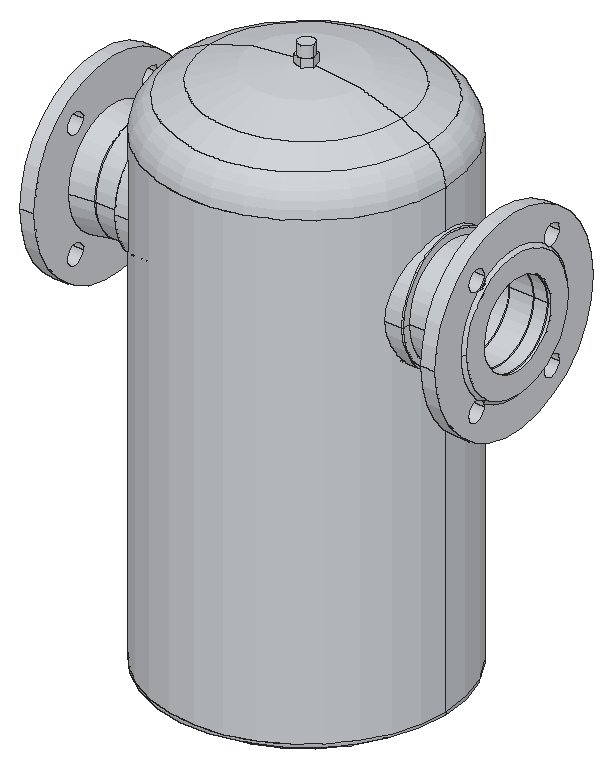
Revit family "Magnetic Dirt-Separator - R146MY115", category Plumbing Fixtures, Revit 2015
Reference planes
  plane 1 "Center (Front/Back)": y = 0
  plane 2: z = 0
  plane 3 "Center (Left/Right)": x = 0
  plane 4: y = 27.082
  plane 5: y = -27.082
  plane 6: y = 27.082
  plane 7: y = -27.082
  plane 8: y = 27.082
  plane 9: y = -27.082
  plane 10: y = 40
  plane 11: x = -198.5
  plane 12: x = 198.5
  plane 13: z = 877
  plane 14: z = 622
  plane 15: x = 300
  plane 16: x = -300
Forms (mm)
  Revolve 1, solid
    sketch origin (0, 0, 3) x (1, 0, 0) y (0, 0, 1)
      loop
        line (-198.5, 757.502) -> (-198.5, 90.761)
        arc (-198.5, 90.761) -> (-198.276, 88.33) -> (-197.611, 85.981) r 13.306
        arc (-197.611, 85.981) -> (-160.212, 66.054) -> (-118.513, 58.503) r 137.074
        line (-118.513, 58.503) -> (0, 58.503) -> (0, 847.774) -> (-13.523, 847.774)
        arc (-13.523, 847.774) -> (-75.904, 841.495) -> (-135.783, 822.912) r 313.035
        line (-135.783, 822.912) -> (-172.325, 804.142)
        arc (-172.325, 804.142) -> (-191.509, 784.244) -> (-198.5, 757.502) r 54.64
      axis (0, 847.774) -> (0, 58.503)
    angle from 0 to 360
  Extrusion 2, solid
    sketch origin (0, 0, 848.912) x (1, 0, 0) y (0, 1, 0)
      loop
        line (9.899, 9.899) -> (-3.623, 13.523) -> (-13.523, 3.623) -> (-9.899, -9.899) -> (3.623, -13.523) -> (13.523, -3.623) -> (9.899, 9.899)
    from -0.912 to 13.088
  Extrusion 3, solid
    sketch origin (0, 0, 862) x (1, 0, 0) y (0, 1, 0)
      loop
        circle (0, 0) r 11
    from 0 to 15
  Extrusion 4, solid
    sketch origin (-37.5, 0, 183.737) x (0, 1, 0) y (0, 0, -1)
      loop
        circle (0, -438.263) r 75
    from -277.5 to 202.5
  Extrusion 5, solid
    sketch origin (0, 0, 37.792) x (0, -1, 0) y (1, 0, 0)
      loop
        line (-9.899, 9.899) -> (-13.523, -3.623) -> (-3.623, -13.523) -> (9.899, -9.899) -> (13.523, 3.623) -> (3.623, 13.523) -> (-9.899, 9.899)
    from 7.343 to 14.343
  Extrusion 6, solid
    sketch origin (0, 0, 53.87) x (0, -1, 0) y (1, 0, 0)
      loop
        circle (0, 0) r 12
    from -1.736 to 1.264
  Extrusion 7, solid
    sketch origin (0, 0, 49.331) x (0, -1, 0) y (1, 0, 0)
      loop
        circle (0, 0) r 13
    from 5.803 to 12.803
  Revolve 8, solid
    sketch origin (16.384, 0, 28.102) x (1, 0, 0) y (0, 1, 0)
      loop
        line (0.632, -8.291) -> (12.097, -8.291) -> (12.563, -7.291) -> (6.89, -7.291) -> (6.89, -2.2) -> (10.212, -2.2) -> (10.212, 0) -> (-27.115, 0) -> (-27.115, -7) -> (0.632, -7) -> (0.632, -8.291)
      axis (-27.115, 0) -> (12.563, 0)
    angle from 0 to 360
  Extrusion 9, solid
    sketch origin (0, -1, -5.625) x (-1, 0, 0) y (0, 0, 1)
      loop
        line (-17.015, 41.903) -> (-17.015, 47.933) -> (-19.099, 58.652) -> (-28.947, 58.652) -> (-28.947, 42.73) -> (-28.47, 41.903) -> (-17.015, 41.903)
      loop
        line (-19.099, 8.802) -> (-17.015, 19.522) -> (-17.015, 25.572) -> (-28.458, 25.572) -> (-28.947, 24.724) -> (-28.947, 8.802) -> (-19.099, 8.802)
    from 0 to 2
  Extrusion 10, solid
    sketch origin (-197.5, 0, 183.737) x (0, 1, 0) y (0, 0, 1)
      loop
        circle (0, 438.263) r 140
      loop
        circle (66.768, 521.668) r 14.737
      loop
        circle (-66.768, 521.668) r 14.737
      loop
        circle (66.768, 354.858) r 14.737
      loop
        circle (-66.768, 354.858) r 14.737
    from -97.5 to -77.5
  SweptBlend 11, solid
    path origin (-89.99, 0, 160) x (-1, 0, 0) y (0, 0, -1)
      loop
        line (185.01, -462) -> (150.01, -462)
    profile origin (-275, 0, 622) x (0, 0, 1) y (0, -1, 0)
      loop
        circle (0, 0) r 80
    end profile origin (-240, 0, 622) x (0, 0, 1) y (0, -1, 0)
      loop
        circle (0, 0) r 75
  SweptBlend 12, solid
    path origin (-492.49, 0, 160) x (1, 0, 0) y (0, 0, 1)
      loop
        line (197.49, 462) -> (192.49, 462)
    profile origin (-295, 0, 622) x (0, 0, -1) y (0, -1, 0)
      loop
        circle (0, 0) r 95
    end profile origin (-300, 0, 622) x (0, 0, -1) y (0, -1, 0)
      loop
        circle (0, 0) r 90
  Extrusion 13, solid
    sketch origin (0, 0, -7.343) x (0, -1, 0) y (1, 0, 0)
      loop
        line (-9.899, 9.899) -> (-13.523, -3.623) -> (-3.623, -13.523) -> (9.899, -9.899) -> (13.523, 3.623) -> (3.623, 13.523) -> (-9.899, 9.899)
    from 7.343 to 17.343
  Extrusion 14, solid
    sketch origin (0, 0, 36.27) x (0, -1, 0) y (1, 0, 0)
      loop
        circle (0, 0) r 13
    from -26.27 to 8.865
  Extrusion 15, solid
    sketch origin (197.5, 0, 183.737) x (0, 1, 0) y (0, 0, -1)
      loop
        circle (0, -438.263) r 140
    from -97.5 to -77.5
  SweptBlend 16, solid
    path origin (492.49, 0, 160) x (-1, 0, 0) y (0, 0, -1)
      loop
        line (197.49, -462) -> (192.49, -462)
    profile origin (295, 0, 622) x (0, 0, 1) y (0, -1, 0)
      loop
        circle (0, 0) r 95
    end profile origin (300, 0, 622) x (0, 0, 1) y (0, -1, 0)
      loop
        circle (0, 0) r 90
  Extrusion 17, void
    sketch origin (135, -21.224, 186.809) x (0, 1, 0) y (0, 0, 1)
      loop
        circle (-45.307, 518.596) r 14.5
      loop
        circle (88.229, 518.596) r 14.5
      loop
        circle (88.229, 351.786) r 14.5
      loop
        circle (-45.307, 351.786) r 14.5
    from 134.322 to 170
  Extrusion 18, void
    sketch origin (-435, -21.698, 186.809) x (0, 1, 0) y (0, 0, 1)
      loop
        circle (-45.307, 518.596) r 14.5
      loop
        circle (88.703, 518.596) r 14.5
      loop
        circle (88.703, 351.786) r 14.5
      loop
        circle (-44.833, 351.786) r 14.5
    from 129.816 to 170
  Revolve 19, solid
    sketch origin (-7.5, 0, 622) x (1, 0, 0) y (0, 1, 0)
      loop
        line (-197.545, 75.388) -> (213.453, 75.388) -> (213.453, 83.739)
        arc (213.453, 83.739) -> (213.016, 84.794) -> (211.961, 85.231) r 1.492
        line (211.961, 85.231) -> (-196.053, 85.231)
        arc (-196.053, 85.231) -> (-197.108, 84.794) -> (-197.545, 83.739) r 1.492
        line (-197.545, 83.739) -> (-197.545, 75.388)
      axis (213.453, 0) -> (-197.545, 0)
    angle from 0 to 360
  SweptBlend 20, solid
    path origin (114.99, 0, 160) x (1, 0, 0) y (0, 0, 1)
      loop
        line (160.01, 462) -> (125.01, 462)
    profile origin (275, 0, 622) x (0, 0, -1) y (0, -1, 0)
      loop
        circle (0, 0) r 80
    end profile origin (240, 0, 622) x (0, 0, -1) y (0, -1, 0)
      loop
        circle (0, 0) r 75
  Sweep 21, void
    path origin (-25, 0, 45) x (1, 0, 0) y (0, 1, 0)
      loop
        line (-415, 0) -> (410, 0)
    profile origin (-27.5, 0, 45) x (0, 1, 0) y (0, 0, 1)
      loop
        circle (0, 577) r 60
Cuts and joins
  Extrusion 17, Sweep 21 cuts Revolve 1
  Extrusion 17, Sweep 21 cuts Extrusion 15
  Extrusion 17, Sweep 21 cuts SweptBlend 16
  Extrusion 18, Sweep 21 cuts Extrusion 10
  Extrusion 18, Sweep 21 cuts SweptBlend 12
  Sweep 21 cuts Extrusion 4
  Sweep 21 cuts SweptBlend 11
  Sweep 21 cuts Revolve 19
  Sweep 21 cuts SweptBlend 20
Dimensions and locks
  equal spacing: plane 12, plane 3 "Center (Left/Right)", plane 11
  plane 2 to plane 13 = 877 mm
  plane 2 to plane 14 = 622 mm
  plane 12 to plane 11 = 397 mm
  plane 15 to plane 3 "Center (Left/Right)" = 300 mm
  plane 3 "Center (Left/Right)" to plane 16 = 300 mm
  aligned and locked: level to plane 2
Automatic sketch dimensions
  Extrusion 2 sketch curve to plane 1 "Center (Front/Back)" = 3.623 mm
  Extrusion 2 sketch curve to plane 3 "Center (Left/Right)" = 13.523 mm
  Extrusion 2 sketch curve to plane 3 "Center (Left/Right)" = 9.899 mm
  Extrusion 2 sketch curve to plane 3 "Center (Left/Right)" = 3.623 mm
  plane 3 "Center (Left/Right)" to Extrusion 2 sketch curve = 3.623 mm
  plane 3 "Center (Left/Right)" to Extrusion 2 sketch curve = 9.899 mm
  plane 1 "Center (Front/Back)" to Extrusion 2 sketch curve = 3.623 mm
  plane 3 "Center (Left/Right)" to Extrusion 2 sketch curve = 13.523 mm
  plane 1 "Center (Front/Back)" to Extrusion 2 sketch curve = 9.899 mm
  plane 1 "Center (Front/Back)" to Extrusion 2 sketch curve = 13.523 mm
  Extrusion 2 sketch curve to plane 1 "Center (Front/Back)" = 9.899 mm
  Extrusion 2 sketch curve to plane 1 "Center (Front/Back)" = 13.523 mm
  plane 1 "Center (Front/Back)" to Extrusion 3 sketch curve = 0 mm
  Extrusion 3 sketch curve to plane 3 "Center (Left/Right)" = 0 mm
  Extrusion 4 sketch curve to plane 1 "Center (Front/Back)" = 0 mm
  Extrusion 5 sketch curve to plane 3 "Center (Left/Right)" = 3.623 mm
  Extrusion 5 sketch curve to plane 1 "Center (Front/Back)" = 13.523 mm
  Extrusion 5 sketch curve to plane 1 "Center (Front/Back)" = 9.899 mm
  Extrusion 5 sketch curve to plane 1 "Center (Front/Back)" = 3.623 mm
  plane 1 "Center (Front/Back)" to Extrusion 5 sketch curve = 3.623 mm
  plane 1 "Center (Front/Back)" to Extrusion 5 sketch curve = 9.899 mm
  plane 3 "Center (Left/Right)" to Extrusion 5 sketch curve = 3.623 mm
  plane 1 "Center (Front/Back)" to Extrusion 5 sketch curve = 13.523 mm
  Extrusion 5 sketch curve to plane 3 "Center (Left/Right)" = 9.899 mm
  Extrusion 5 sketch curve to plane 3 "Center (Left/Right)" = 13.523 mm
  plane 3 "Center (Left/Right)" to Extrusion 5 sketch curve = 9.899 mm
  plane 3 "Center (Left/Right)" to Extrusion 5 sketch curve = 13.523 mm
  plane 1 "Center (Front/Back)" to Extrusion 6 sketch curve = 0 mm
  Extrusion 6 sketch curve to plane 3 "Center (Left/Right)" = 0 mm
  plane 1 "Center (Front/Back)" to Extrusion 7 sketch curve = 0 mm
  Extrusion 7 sketch curve to plane 3 "Center (Left/Right)" = 0 mm
  plane 1 "Center (Front/Back)" to Revolve 8 sketch curve = 0 mm  (x2)
  Revolve 8 sketch curve to plane 3 "Center (Left/Right)" = 10.731 mm
  plane 1 "Center (Front/Back)" to Revolve 8 sketch curve = 8.291 mm
  plane 3 "Center (Left/Right)" to Revolve 8 sketch curve = 17.015 mm
  Revolve 8 sketch curve to Revolve 8 sketch curve = 6.258 mm
  Revolve 8 sketch curve to Revolve 8 sketch curve = 3.322 mm
  Revolve 8 sketch curve to Revolve 8 sketch curve = 5.207 mm
  plane 1 "Center (Front/Back)" to Revolve 8 sketch curve = 7.291 mm
  Revolve 8 sketch curve to Revolve 8 sketch curve = 0.466 mm
  Revolve 8 sketch curve to Revolve 8 sketch curve = 1.291 mm
  plane 1 "Center (Front/Back)" to Revolve 8 sketch curve = 2.2 mm
  plane 3 "Center (Left/Right)" to Revolve 8 sketch curve = 8.982 mm
  Revolve 8 sketch curve to Revolve 8 sketch curve = 6.708 mm
  plane 3 "Center (Left/Right)" to Extrusion 9 sketch curve = 28.947 mm
  Extrusion 9 sketch curve to Extrusion 9 sketch curve = 0 mm
  Extrusion 9 sketch curve to Extrusion 9 sketch curve = 0.477 mm
  Extrusion 9 sketch curve to Extrusion 9 sketch curve = 0.489 mm
  level to Extrusion 9 sketch curve = 3.177 mm
  Extrusion 9 sketch curve to Extrusion 9 sketch curve = 9.848 mm  (x2)
  Extrusion 9 sketch curve to Extrusion 9 sketch curve = 2.084 mm
  Extrusion 9 sketch curve to Extrusion 9 sketch curve = 11.443 mm
  Extrusion 9 sketch curve to Extrusion 9 sketch curve = 10.719 mm
  Extrusion 9 sketch curve to Extrusion 9 sketch curve = 5.203 mm
  Extrusion 9 sketch curve to Extrusion 9 sketch curve = 6.05 mm
  Extrusion 9 sketch curve to Extrusion 9 sketch curve = 16.332 mm
  Extrusion 9 sketch curve to Extrusion 9 sketch curve = 0.827 mm
  Extrusion 9 sketch curve to Extrusion 9 sketch curve = 6.029 mm
  Extrusion 9 sketch curve to Extrusion 9 sketch curve = 15.922 mm
  Extrusion 10 sketch curve to plane 1 "Center (Front/Back)" = 0 mm
  Extrusion 10 sketch curve to plane 7 = 39.686 mm  (x2)
  Extrusion 10 sketch curve to plane 6 = 39.686 mm  (x2)
  SweptBlend 11 sketch curve to SweptBlend 11 sketch curve = 0 mm  (x4)
  profile plane to SweptBlend 11 sketch curve = 0 mm  (x2)
  SweptBlend 11 sketch curve to profile plane = 0 mm  (x2)
  SweptBlend 11 sketch curve to profile plane = 80 mm
  SweptBlend 11 sketch curve to profile plane = 75 mm
  SweptBlend 12 sketch curve to SweptBlend 12 sketch curve = 0 mm  (x4)
  SweptBlend 12 sketch curve to profile plane = 0 mm  (x4)
  SweptBlend 12 sketch curve to profile plane = 95 mm
  SweptBlend 12 sketch curve to profile plane = 90 mm
  Extrusion 13 sketch curve to plane 3 "Center (Left/Right)" = 3.623 mm
  Extrusion 13 sketch curve to plane 1 "Center (Front/Back)" = 13.523 mm
  Extrusion 13 sketch curve to plane 1 "Center (Front/Back)" = 9.899 mm
  Extrusion 13 sketch curve to plane 1 "Center (Front/Back)" = 3.623 mm
  plane 1 "Center (Front/Back)" to Extrusion 13 sketch curve = 3.623 mm
  plane 1 "Center (Front/Back)" to Extrusion 13 sketch curve = 9.899 mm
  plane 3 "Center (Left/Right)" to Extrusion 13 sketch curve = 3.623 mm
  plane 1 "Center (Front/Back)" to Extrusion 13 sketch curve = 13.523 mm
  Extrusion 13 sketch curve to plane 3 "Center (Left/Right)" = 9.899 mm
  Extrusion 13 sketch curve to plane 3 "Center (Left/Right)" = 13.523 mm
  plane 3 "Center (Left/Right)" to Extrusion 13 sketch curve = 9.899 mm
  plane 3 "Center (Left/Right)" to Extrusion 13 sketch curve = 13.523 mm
  plane 1 "Center (Front/Back)" to Extrusion 14 sketch curve = 0 mm
  Extrusion 14 sketch curve to plane 3 "Center (Left/Right)" = 0 mm
  Extrusion 15 sketch curve to plane 1 "Center (Front/Back)" = 0 mm
  SweptBlend 16 sketch curve to SweptBlend 16 sketch curve = 5 mm
  SweptBlend 16 sketch curve to SweptBlend 16 sketch curve = 0 mm  (x4)
  profile plane to SweptBlend 16 sketch curve = 0 mm  (x2)
  SweptBlend 16 sketch curve to profile plane = 0 mm  (x2)
  SweptBlend 16 sketch curve to profile plane = 95 mm
  SweptBlend 16 sketch curve to profile plane = 90 mm
  plane 1 "Center (Front/Back)" to Extrusion 17 sketch curve = 66.531 mm  (x2)
  Extrusion 17 sketch curve to plane 1 "Center (Front/Back)" = 67.005 mm  (x2)
  Extrusion 17 sketch curve to Extrusion 17 sketch curve = 14.5 mm  (x4)
  plane 1 "Center (Front/Back)" to Extrusion 18 sketch curve = 67.005 mm
  plane 1 "Center (Front/Back)" to Extrusion 18 sketch curve = 66.531 mm
  Extrusion 18 sketch curve to plane 1 "Center (Front/Back)" = 67.005 mm  (x2)
  Extrusion 18 sketch curve to Extrusion 18 sketch curve = 14.5 mm  (x4)
  plane 1 "Center (Front/Back)" to Revolve 19 sketch curve = 0 mm
  Revolve 19 sketch curve to plane 11 = 6.545 mm
  Revolve 19 sketch curve to Revolve 19 sketch curve = 1.492 mm  (x2)
  plane 12 to Revolve 19 sketch curve = 5.961 mm
  plane 10 to Revolve 19 sketch curve = 35.388 mm
  Revolve 19 sketch curve to Revolve 19 sketch curve = 8.351 mm
  Revolve 19 sketch curve to plane 3 "Center (Left/Right)" = 55.01 mm
  plane 3 "Center (Left/Right)" to Revolve 19 sketch curve = 67.5 mm
  SweptBlend 20 sketch curve to SweptBlend 20 sketch curve = 0 mm  (x4)
  SweptBlend 20 sketch curve to profile plane = 0 mm  (x4)
  SweptBlend 20 sketch curve to profile plane = 80 mm
  SweptBlend 20 sketch curve to profile plane = 75 mm
  plane 1 "Center (Front/Back)" to Sweep 21 sketch curve = 0 mm
  Sweep 21 sketch curve to profile plane = 0 mm
  profile plane to Sweep 21 sketch curve = 577 mm
  level to Extrusion 4 sketch curve = 622 mm
  level to Extrusion 10 sketch curve = 538.595 mm
  Extrusion 10 sketch curve to Extrusion 10 sketch curve = 0 mm
  Extrusion 10 sketch curve to Extrusion 10 sketch curve = 83.405 mm  (x3)
  level to SweptBlend 12 sketch curve = 622 mm
  level to Extrusion 15 sketch curve = 622 mm
  level to SweptBlend 16 sketch curve = 622 mm
  Extrusion 17 sketch curve to Extrusion 17 sketch curve = 0 mm  (x6)
  level to Extrusion 17 sketch curve = 538.595 mm
  Extrusion 17 sketch curve to Extrusion 17 sketch curve = 166.81 mm
  Extrusion 18 sketch curve to Extrusion 18 sketch curve = 0 mm  (x6)
  level to Extrusion 18 sketch curve = 538.595 mm
  Extrusion 18 sketch curve to Extrusion 18 sketch curve = 166.81 mm
  plane 12 to SweptBlend 16 sketch curve = 101.5 mm
  plane 12 to Sweep 21 sketch curve = 186.5 mm
  SweptBlend 12 sketch curve to plane 11 = 101.5 mm
  SweptBlend 12 sketch curve to SweptBlend 12 sketch curve = 5 mm
  Sweep 21 sketch curve to plane 11 = 241.5 mm
  SweptBlend 20 sketch curve to plane 14 = 0 mm
  plane 12 to SweptBlend 20 sketch curve = 41.5 mm
  SweptBlend 20 sketch curve to plane 15 = 25 mm
  SweptBlend 11 sketch curve to plane 14 = 0 mm
  SweptBlend 11 sketch curve to plane 11 = 41.5 mm
  plane 16 to SweptBlend 11 sketch curve = 25 mm
  Revolve 1 sketch curve to plane 11 = 0 mm
  Revolve 1 sketch curve to plane 3 "Center (Left/Right)" = 0 mm  (x2)
  plane 11 to Revolve 1 sketch curve = 13.306 mm
  plane 11 to Revolve 1 sketch curve = 26.175 mm
  Revolve 1 sketch curve to Revolve 1 sketch curve = 28.465 mm
  Revolve 1 sketch curve to Revolve 1 sketch curve = 66.682 mm
  plane 11 to Revolve 1 sketch curve = 83.269 mm
  Revolve 1 sketch curve to plane 3 "Center (Left/Right)" = 13.523 mm
  level to Revolve 1 sketch curve = 61.503 mm
  Revolve 1 sketch curve to Revolve 1 sketch curve = 32.259 mm
  Revolve 1 sketch curve to Revolve 1 sketch curve = 104.776 mm
  Revolve 1 sketch curve to plane 14 = 84.261 mm
  Revolve 1 sketch curve to plane 13 = 26.226 mm
  Revolve 1 sketch curve to Revolve 1 sketch curve = 36.542 mm
  Revolve 1 sketch curve to plane 14 = 35.709 mm
  plane 14 to Revolve 1 sketch curve = 104.291 mm
  Revolve 1 sketch curve to Revolve 1 sketch curve = 18.769 mm
  radius of Extrusion 3 sketch curve = 11 mm
  radius of Extrusion 4 sketch curve = 75 mm
  radius of Extrusion 6 sketch curve = 12 mm
  radius of Extrusion 7 sketch curve = 13 mm
  radius of Extrusion 10 sketch curve = 140 mm
  radius of Extrusion 10 sketch curve = 14.737 mm  (x4)
  radius of Extrusion 14 sketch curve = 13 mm
  radius of Extrusion 15 sketch curve = 140 mm
  radius of Sweep 21 sketch curve = 60 mm
